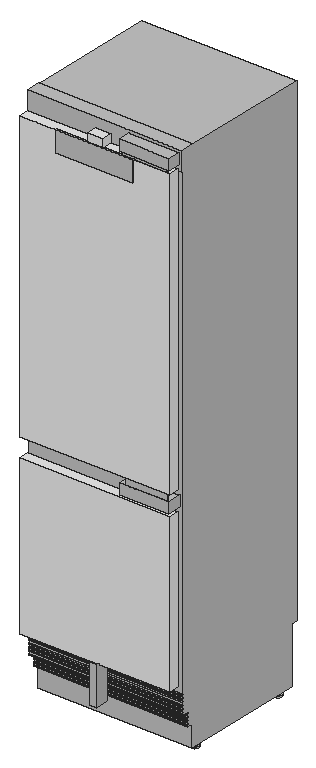
Revit family "FP_Revit_18_RS2484WRU1_Fridge_90001069A", category Specialty Equipment, Revit 2018 (continued)
Definition of nested family "Handle Professional Square - Horizontal"
  Dimensions and locks
    aligned and locked: level to plane 2
    aligned and locked: plane 5 "Product RHS" to Extrusion 1 sketch curve
    aligned and locked: Extrusion 1 sketch curve to plane 1 "Center (Front/Back)"
    aligned and locked: plane 1 "Center (Front/Back)" to Extrusion 1 sketch curve
    aligned and locked: Extrusion 1 sketch curve to plane 6 "LHS Standoff"
    aligned and locked: Extrusion 1 sketch curve to plane 7 "RHS Standoff"
    aligned and locked: plane 7 "RHS Standoff" to Extrusion 2
    aligned and locked: Extrusion 2 to plane 6 "LHS Standoff"
    aligned and locked: plane 5 "Product RHS" to Extrusion 7 sketch curve
    aligned and locked: Extrusion 7 sketch curve to plane 7 "RHS Standoff"
    aligned and locked: plane 6 "LHS Standoff" to Extrusion 7 sketch curve
    aligned and locked: plane 4 "Product LHS" to Extrusion 7 sketch curve
    aligned and locked: Extrusion 7 sketch curve to plane 1 "Center (Front/Back)"
    aligned and locked: plane 1 "Center (Front/Back)" to Extrusion 7 sketch curve
  Automatic sketch dimensions
    Extrusion 1 sketch curve to plane 4 "Product LHS" = 0 mm
    Extrusion 1 sketch curve to plane 4 "Product LHS" = 10 mm
    plane 5 "Product RHS" to Extrusion 1 sketch curve = 10 mm
    Extrusion 1 sketch curve to Extrusion 1 sketch curve = 40 mm  (x2)
    level to Extrusion 2 sketch curve = 0 mm
    plane 1 "Center (Front/Back)" to Extrusion 2 sketch curve = 61.313 mm
    Extrusion 2 sketch curve to Extrusion 2 sketch curve = 13.513 mm
    Extrusion 2 sketch curve to Extrusion 2 sketch curve = 1.328 mm  (x4)
    Extrusion 2 sketch curve to Extrusion 2 sketch curve = 9.684 mm  (x2)
    Extrusion 2 sketch curve to Extrusion 2 sketch curve = 14.172 mm
    Sweep 3 sketch curve to profile plane = 0 mm  (x2)
    Sweep 3 sketch curve to profile plane = 2.5 mm  (x2)
    Sweep 4 sketch curve to profile plane = 0 mm  (x2)
    Sweep 4 sketch curve to profile plane = 2.5 mm  (x2)
    profile plane to Sweep 5 sketch curve = 0 mm
    Sweep 5 sketch curve to profile plane = 0 mm
    Sweep 5 sketch curve to profile plane = 2.5 mm  (x2)
    profile plane to Sweep 6 sketch curve = 0 mm
    Sweep 6 sketch curve to profile plane = 0 mm
    Sweep 6 sketch curve to profile plane = 2.5 mm  (x2)
    Extrusion 7 sketch curve to plane 4 "Product LHS" = 10 mm
    plane 5 "Product RHS" to Extrusion 7 sketch curve = 10 mm
    plane 1 "Center (Front/Back)" to Extrusion 7 sketch curve = 32 mm
    plane 1 "Center (Front/Back)" to Extrusion 7 sketch curve = 40 mm
Definition of nested family "Visibility Control Note 18"
  Types (3): name
    New
    Resolved
    Active
  Reference planes
    plane 1: y = 0
    plane 2: x = 0
  Text (mm)
    text "Edit Type: \nTo control handle kit \nand door panel visibility\n options\n\nDelete unwanted kits \nto reduce file size" at (-0.165, 35.556, 0)
Types (3, lengths in mm): name | Model
  (no name) | "RS2484WRU1"
  RS2484WRU1 | "RS2484WRU1"
  RS2484WRUK1 | "RS2484WRUK1"
